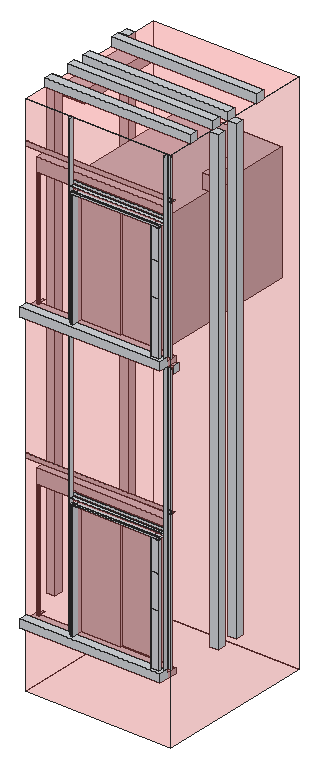
Revit family "TSF1000", category 一般モデル, Revit 2018
Family settings
  鉄筋をホスト可能 = いいえ
  丸型コネクタ寸法 = 直径を使用
  パーツ タイプ = 標準
  作業面ベース = いいえ
  常に垂直 = はい
  ロード時にボイドで切り取り = いいえ
  共有 = いいえ
  部屋計算ポイント = いいえ
Parameters
  昇降行程 = 5000 mm
Reference planes
  plane 1 "レール芯": y = 0
  plane 2 "最下階FL": z = 0
  plane 3 "かご芯": x = 0
  plane 4: z = 5000
  plane 5 "ピット底面": z = -1250
  plane 6: z = 8250
  plane 7: z = 2500
Forms (mm)
  Extrusion 1, solid
    sketch origin (-115, 140, 0) x (1, 0, 0) y (0, 1, 0)
      loop
        line (-1370, 1580) -> (-1370, -1290) -> (1230, -1290) -> (1230, 1580) -> (-1370, 1580)
    from -1250 to 8250
  Extrusion 2, solid
    sketch origin (-188.849, -187.656, 5000) x (1, 0, 0) y (0, 1, 0)
      loop
        line (-691.151, 1812.656) -> (-691.151, -722.344) -> (1068.849, -722.344) -> (1068.849, 1812.656) -> (-691.151, 1812.656)
    from 0 to 2100
  Extrusion 3, solid
    sketch origin (-199.116, -1, 0) x (1, 0, 0) y (0, 1, 0)
      loop
        line (-1050.884, 890.997) -> (-1050.884, 260.997) -> (-753.884, 260.997) -> (-753.884, 890.997) -> (-1050.884, 890.997)
    from -1250 to -272.5
  Extrusion 4, solid
    sketch origin (-180.164, -13.256, 0) x (1, 0, 0) y (0, 1, 0)
      loop
        line (1295.164, 288.256) -> (1295.164, 138.256) -> (1445.164, 138.256) -> (1445.164, 288.256) -> (1295.164, 288.256)
    from 0 to 8250
  Extrusion 5, solid
    sketch origin (-180.164, -413.256, 0) x (1, 0, 0) y (0, 1, 0)
      loop
        line (1295.164, 288.256) -> (1295.164, 138.256) -> (1445.164, 138.256) -> (1445.164, 288.256) -> (1295.164, 288.256)
    from 0 to 8250
  Extrusion 6, solid
    sketch origin (593.997, 818.69, 0) x (1, 0, 0) y (0, 1, 0)
      loop
        line (-2228.997, 481.31) -> (-2228.997, 331.31) -> (-2078.997, 331.31) -> (-2078.997, 481.31) -> (-2228.997, 481.31)
    from 0 to 8250
  Extrusion 7, solid
    sketch origin (593.997, -831.31, 0) x (1, 0, 0) y (0, 1, 0)
      loop
        line (-2228.997, 481.31) -> (-2228.997, 331.31) -> (-2078.997, 331.31) -> (-2078.997, 481.31) -> (-2228.997, 481.31)
    from 0 to 8250
  Extrusion 8, solid
    sketch origin (646.148, -529, 7950) x (1, 0, 0) y (0, 1, 0)
      loop
        line (-2111.148, 1758) -> (-2111.148, 200) -> (-1738.648, 200) -> (-1738.648, 1758) -> (-2111.148, 1758)
    from 0 to 200
  Extrusion 9, solid
    sketch origin (-494.764, 1375.017, 7235) x (1, 0, 0) y (0, 1, 0)
      loop
        line (1413.764, -985.017) -> (1413.764, -1575.017) -> (1593.764, -1575.017) -> (1593.764, -985.017) -> (1413.764, -985.017)
    from 0 to 250
  Extrusion 10, solid
    sketch origin (0, -154.792, -183.066) x (0, 1, 0) y (0, 0, 1)
      loop
        line (279.792, 8583.066) -> (279.792, 8433.066) -> (429.792, 8433.066) -> (429.792, 8583.066) -> (279.792, 8583.066)
    from -1485 to 1115
  Extrusion 11, solid
    sketch origin (0, -494.792, -183.066) x (0, 1, 0) y (0, 0, 1)
      loop
        line (279.792, 8583.066) -> (279.792, 8433.066) -> (429.792, 8433.066) -> (429.792, 8583.066) -> (279.792, 8583.066)
    from -1485 to 1115
  Extrusion 12, solid
    sketch origin (0, -994.792, -183.066) x (0, 1, 0) y (0, 0, 1)
      loop
        line (279.792, 8583.066) -> (279.792, 8433.066) -> (429.792, 8433.066) -> (429.792, 8583.066) -> (279.792, 8583.066)
    from -1485 to 1115
  Extrusion 13, solid
    sketch origin (0, 485.208, -183.066) x (0, 1, 0) y (0, 0, 1)
      loop
        line (279.792, 8583.066) -> (279.792, 8433.066) -> (429.792, 8433.066) -> (429.792, 8583.066) -> (279.792, 8583.066)
    from -1485 to 1115
  Extrusion 14, solid
    sketch origin (0, -292.235, 116.596) x (0, 1, 0) y (0, 0, 1)
      loop
        line (-797.765, 4733.404) -> (-797.765, 4608.404) -> (-677.765, 4608.404) -> (-677.765, 4733.404) -> (-797.765, 4733.404)
    from -1485 to 1115
  Extrusion 15, solid
    sketch origin (122.648, 27.585, 0) x (-1, 0, 0) y (0, -1, 0)
      loop
        line (-917.352, 1171.585) -> (-917.352, 1246.585) -> (-919.352, 1246.585)
        arc (-919.352, 1246.585) -> (-922.181, 1245.414) -> (-923.352, 1242.585) r 4
        line (-923.352, 1242.585) -> (-923.352, 1186.085)
        arc (-923.352, 1186.085) -> (-925.842, 1180.075) -> (-931.852, 1177.585) r 8.5
        line (-931.852, 1177.585) -> (-988.352, 1177.585)
        arc (-988.352, 1177.585) -> (-991.181, 1176.414) -> (-992.352, 1173.585) r 4
        line (-992.352, 1173.585) -> (-992.352, 1171.585) -> (-917.352, 1171.585)
    from 0 to 4850
  Extrusion 16, solid
    sketch origin (77.352, 27.585, 0) x (1, 0, 0) y (0, 1, 0)
      loop
        line (-717.352, -1171.585) -> (-792.352, -1171.585) -> (-792.352, -1173.585)
        arc (-792.352, -1173.585) -> (-791.181, -1176.414) -> (-788.352, -1177.585) r 4
        line (-788.352, -1177.585) -> (-731.852, -1177.585)
        arc (-731.852, -1177.585) -> (-725.842, -1180.075) -> (-723.352, -1186.085) r 8.5
        line (-723.352, -1186.085) -> (-723.352, -1242.585)
        arc (-723.352, -1242.585) -> (-722.181, -1245.414) -> (-719.352, -1246.585) r 4
        line (-719.352, -1246.585) -> (-717.352, -1246.585) -> (-717.352, -1171.585)
    from 0 to 4850
  Extrusion 17, solid
    sketch origin (322.648, 27.585, 5000) x (-1, 0, 0) y (0, -1, 0)
      loop
        line (-717.352, 1171.585) -> (-717.352, 1246.585) -> (-719.352, 1246.585)
        arc (-719.352, 1246.585) -> (-722.181, 1245.414) -> (-723.352, 1242.585) r 4
        line (-723.352, 1242.585) -> (-723.352, 1186.085)
        arc (-723.352, 1186.085) -> (-725.842, 1180.075) -> (-731.852, 1177.585) r 8.5
        line (-731.852, 1177.585) -> (-788.352, 1177.585)
        arc (-788.352, 1177.585) -> (-791.181, 1176.414) -> (-792.352, 1173.585) r 4
        line (-792.352, 1173.585) -> (-792.352, 1171.585) -> (-717.352, 1171.585)
    from 0 to 3250
  Extrusion 18, solid
    sketch origin (77.352, 27.585, 5000) x (1, 0, 0) y (0, 1, 0)
      loop
        line (-717.352, -1171.585) -> (-792.352, -1171.585) -> (-792.352, -1173.585)
        arc (-792.352, -1173.585) -> (-791.181, -1176.414) -> (-788.352, -1177.585) r 4
        line (-788.352, -1177.585) -> (-731.852, -1177.585)
        arc (-731.852, -1177.585) -> (-725.842, -1180.075) -> (-723.352, -1186.085) r 8.5
        line (-723.352, -1186.085) -> (-723.352, -1242.585)
        arc (-723.352, -1242.585) -> (-722.181, -1245.414) -> (-719.352, -1246.585) r 4
        line (-719.352, -1246.585) -> (-717.352, -1246.585) -> (-717.352, -1171.585)
    from 0 to 3250
  Extrusion 19, solid
    sketch origin (0, -3316.272, 935.614) x (0, 0, -1) y (0, 1, 0)
      loop
        line (-1244.386, 2172.272) -> (-1319.386, 2172.272) -> (-1319.386, 2170.272)
        arc (-1319.386, 2170.272) -> (-1318.214, 2167.444) -> (-1315.386, 2166.272) r 4
        line (-1315.386, 2166.272) -> (-1258.886, 2166.272)
        arc (-1258.886, 2166.272) -> (-1252.875, 2163.782) -> (-1250.386, 2157.772) r 8.5
        line (-1250.386, 2157.772) -> (-1250.386, 2101.272)
        arc (-1250.386, 2101.272) -> (-1249.214, 2098.444) -> (-1246.386, 2097.272) r 4
        line (-1246.386, 2097.272) -> (-1244.386, 2097.272) -> (-1244.386, 2172.272)
    from -640 to 1040
  Extrusion 20, solid
    sketch origin (0, -3316.272, 5935.614) x (0, 0, -1) y (0, 1, 0)
      loop
        line (-1244.386, 2172.272) -> (-1319.386, 2172.272) -> (-1319.386, 2170.272)
        arc (-1319.386, 2170.272) -> (-1318.214, 2167.444) -> (-1315.386, 2166.272) r 4
        line (-1315.386, 2166.272) -> (-1258.886, 2166.272)
        arc (-1258.886, 2166.272) -> (-1252.875, 2163.782) -> (-1250.386, 2157.772) r 8.5
        line (-1250.386, 2157.772) -> (-1250.386, 2101.272)
        arc (-1250.386, 2101.272) -> (-1249.214, 2098.444) -> (-1246.386, 2097.272) r 4
        line (-1246.386, 2097.272) -> (-1244.386, 2097.272) -> (-1244.386, 2172.272)
    from -640 to 1040
  Extrusion 21, solid
    sketch origin (0, 1028.272, 6255.614) x (0, 0, -1) y (0, 1, 0)
      loop
        line (-1244.386, -2172.272) -> (-1244.386, -2097.272) -> (-1246.386, -2097.272)
        arc (-1246.386, -2097.272) -> (-1249.214, -2098.444) -> (-1250.386, -2101.272) r 4
        line (-1250.386, -2101.272) -> (-1250.386, -2157.772)
        arc (-1250.386, -2157.772) -> (-1252.875, -2163.782) -> (-1258.886, -2166.272) r 8.5
        line (-1258.886, -2166.272) -> (-1315.386, -2166.272)
        arc (-1315.386, -2166.272) -> (-1318.214, -2167.444) -> (-1319.386, -2170.272) r 4
        line (-1319.386, -2170.272) -> (-1319.386, -2172.272) -> (-1244.386, -2172.272)
    from -1485 to 1115
  Extrusion 22, solid
    sketch origin (0, 1028.272, 1255.614) x (0, 0, -1) y (0, 1, 0)
      loop
        line (-1244.386, -2172.272) -> (-1244.386, -2097.272) -> (-1246.386, -2097.272)
        arc (-1246.386, -2097.272) -> (-1249.214, -2098.444) -> (-1250.386, -2101.272) r 4
        line (-1250.386, -2101.272) -> (-1250.386, -2157.772)
        arc (-1250.386, -2157.772) -> (-1252.875, -2163.782) -> (-1258.886, -2166.272) r 8.5
        line (-1258.886, -2166.272) -> (-1315.386, -2166.272)
        arc (-1315.386, -2166.272) -> (-1318.214, -2167.444) -> (-1319.386, -2170.272) r 4
        line (-1319.386, -2170.272) -> (-1319.386, -2172.272) -> (-1244.386, -2172.272)
    from -1485 to 1115
Dimensions and locks
  "昇降行程": plane 4 to plane 2 "最下階FL"
  locked: plane 6 to plane 4 at 3250
  locked: Extrusion 2 to plane 4 at 2100
  locked: plane 6 to Extrusion 8 at 100
  locked: Extrusion 8 to Extrusion 8 at 200
  locked: plane 4 to Extrusion 20 at 2180
  locked: Extrusion 20 to Extrusion 21 at 320
  locked: Extrusion 2 to Extrusion 9 at 135
  locked: Extrusion 9 to Extrusion 9 at 250
  locked: plane 2 "最下階FL" to Extrusion 19 at 2180
  locked: plane 4 to Extrusion 15 at 150
  aligned and locked: level to plane 2 "最下階FL"
  aligned and locked: Extrusion 1 to plane 5 "ピット底面"
  aligned and locked: Extrusion 2 to plane 4
  aligned and locked: Extrusion 1 to Extrusion 3
  aligned and locked: Extrusion 5 to plane 2 "最下階FL"
  aligned and locked: Extrusion 4 to plane 2 "最下階FL"
  aligned and locked: Extrusion 1 to Extrusion 5
  aligned and locked: Extrusion 1 to Extrusion 4
  aligned and locked: Extrusion 6 to Extrusion 1
  aligned and locked: Extrusion 7 to Extrusion 1
  aligned and locked: Extrusion 4 to Extrusion 1
  aligned and locked: Extrusion 5 to Extrusion 1
  aligned and locked: Extrusion 6 to plane 2 "最下階FL"
  aligned and locked: Extrusion 7 to plane 2 "最下階FL"
  aligned and locked: Extrusion 1 to Extrusion 6
  aligned and locked: Extrusion 1 to Extrusion 7
  aligned and locked: plane 2 "最下階FL" to nested 1
  aligned and locked: plane 4 to nested 2
  aligned and locked: nested 1 to nested 2
  aligned and locked: Extrusion 10 to Extrusion 1
  aligned and locked: Extrusion 1 to Extrusion 10  (x2)
  aligned and locked: Extrusion 1 to Extrusion 12  (x2)
  aligned and locked: Extrusion 1 to Extrusion 13  (x2)
  aligned and locked: Extrusion 12 to Extrusion 1
  aligned and locked: Extrusion 11 to Extrusion 1
  aligned and locked: Extrusion 13 to Extrusion 1
  aligned and locked: Extrusion 1 to Extrusion 14  (x2)
  aligned and locked: Extrusion 1 to Extrusion 15
  aligned and locked: Extrusion 1 to Extrusion 11  (x2)
  aligned and locked: Extrusion 17 to Extrusion 18
  aligned and locked: Extrusion 18 to plane 4
  aligned and locked: Extrusion 17 to plane 4
  aligned and locked: plane 6 to Extrusion 1
  aligned and locked: plane 6 to Extrusion 17
  aligned and locked: plane 6 to Extrusion 18
  aligned and locked: Extrusion 16 to Extrusion 15
Automatic sketch dimensions
  Extrusion 1 sketch curve to plane 3 "かご芯" = 1485 mm
  plane 3 "かご芯" to Extrusion 1 sketch curve = 1115 mm
  plane 1 "レール芯" to Extrusion 1 sketch curve = 1150 mm
  Extrusion 1 sketch curve to plane 1 "レール芯" = 1720 mm
  Extrusion 2 sketch curve to plane 3 "かご芯" = 880 mm
  plane 3 "かご芯" to Extrusion 2 sketch curve = 880 mm
  plane 1 "レール芯" to Extrusion 2 sketch curve = 910 mm
  Extrusion 2 sketch curve to plane 1 "レール芯" = 1625 mm
  Extrusion 3 sketch curve to plane 1 "レール芯" = 259.997 mm
  Extrusion 3 sketch curve to plane 3 "かご芯" = 1250 mm
  Extrusion 3 sketch curve to Extrusion 3 sketch curve = 297 mm
  Extrusion 3 sketch curve to Extrusion 3 sketch curve = 630 mm
  Extrusion 4 sketch curve to plane 1 "レール芯" = 125 mm
  plane 3 "かご芯" to Extrusion 4 sketch curve = 1115 mm
  Extrusion 4 sketch curve to Extrusion 4 sketch curve = 150 mm  (x2)
  plane 1 "レール芯" to Extrusion 5 sketch curve = 275 mm
  plane 3 "かご芯" to Extrusion 5 sketch curve = 1115 mm
  Extrusion 5 sketch curve to Extrusion 5 sketch curve = 150 mm
  plane 1 "レール芯" to Extrusion 5 sketch curve = 125 mm
  Extrusion 6 sketch curve to plane 3 "かご芯" = 1635 mm
  Extrusion 6 sketch curve to Extrusion 6 sketch curve = 150 mm  (x2)
  Extrusion 6 sketch curve to plane 1 "レール芯" = 1150 mm
  plane 1 "レール芯" to Extrusion 7 sketch curve = 500 mm
  Extrusion 7 sketch curve to plane 3 "かご芯" = 1635 mm
  Extrusion 7 sketch curve to Extrusion 7 sketch curve = 150 mm  (x2)
  plane 1 "レール芯" to Extrusion 8 sketch curve = 329 mm
  Extrusion 8 sketch curve to plane 3 "かご芯" = 1465 mm
  Extrusion 8 sketch curve to Extrusion 8 sketch curve = 372.5 mm
  Extrusion 8 sketch curve to plane 1 "レール芯" = 1229 mm
  plane 1 "レール芯" to Extrusion 9 sketch curve = 200 mm
  plane 3 "かご芯" to Extrusion 9 sketch curve = 919 mm
  Extrusion 9 sketch curve to Extrusion 9 sketch curve = 180 mm
  Extrusion 9 sketch curve to plane 1 "レール芯" = 390 mm
  Extrusion 10 sketch curve to plane 6 = 0 mm
  Extrusion 10 sketch curve to plane 1 "レール芯" = 125 mm
  Extrusion 10 sketch curve to Extrusion 10 sketch curve = 150 mm  (x2)
  Extrusion 11 sketch curve to plane 6 = 0 mm
  plane 1 "レール芯" to Extrusion 11 sketch curve = 215 mm
  plane 1 "レール芯" to Extrusion 11 sketch curve = 65 mm
  Extrusion 11 sketch curve to Extrusion 11 sketch curve = 150 mm
  Extrusion 12 sketch curve to plane 6 = 0 mm
  plane 1 "レール芯" to Extrusion 12 sketch curve = 715 mm
  Extrusion 12 sketch curve to Extrusion 12 sketch curve = 150 mm  (x2)
  Extrusion 13 sketch curve to plane 6 = 0 mm
  Extrusion 13 sketch curve to plane 1 "レール芯" = 765 mm
  Extrusion 13 sketch curve to Extrusion 13 sketch curve = 150 mm  (x2)
  Extrusion 14 sketch curve to plane 4 = 275 mm
  plane 1 "レール芯" to Extrusion 14 sketch curve = 1090 mm
  Extrusion 14 sketch curve to Extrusion 14 sketch curve = 120 mm
  Extrusion 14 sketch curve to Extrusion 14 sketch curve = 125 mm
  Extrusion 15 sketch curve to plane 3 "かご芯" = 1115 mm
  Extrusion 15 sketch curve to Extrusion 15 sketch curve = 4 mm  (x2)
  Extrusion 15 sketch curve to Extrusion 15 sketch curve = 56.5 mm  (x2)
  Extrusion 15 sketch curve to Extrusion 15 sketch curve = 8.5 mm
  Extrusion 15 sketch curve to Extrusion 15 sketch curve = 2 mm
  Extrusion 15 sketch curve to plane 1 "レール芯" = 1219 mm
  Extrusion 15 sketch curve to Extrusion 15 sketch curve = 6 mm
  Extrusion 16 sketch curve to plane 3 "かご芯" = 715 mm
  Extrusion 16 sketch curve to Extrusion 16 sketch curve = 4 mm  (x2)
  Extrusion 16 sketch curve to Extrusion 16 sketch curve = 56.5 mm  (x2)
  Extrusion 16 sketch curve to Extrusion 16 sketch curve = 8.5 mm
  Extrusion 16 sketch curve to Extrusion 16 sketch curve = 2 mm
  plane 1 "レール芯" to Extrusion 16 sketch curve = 1219 mm
  Extrusion 16 sketch curve to Extrusion 16 sketch curve = 6 mm
  Extrusion 17 sketch curve to plane 3 "かご芯" = 1115 mm
  Extrusion 17 sketch curve to Extrusion 17 sketch curve = 4 mm  (x2)
  Extrusion 17 sketch curve to Extrusion 17 sketch curve = 56.5 mm  (x2)
  Extrusion 17 sketch curve to Extrusion 17 sketch curve = 8.5 mm
  Extrusion 17 sketch curve to Extrusion 17 sketch curve = 2 mm
  Extrusion 17 sketch curve to plane 1 "レール芯" = 1219 mm
  Extrusion 17 sketch curve to Extrusion 17 sketch curve = 6 mm
  Extrusion 18 sketch curve to plane 3 "かご芯" = 715 mm
  Extrusion 18 sketch curve to Extrusion 18 sketch curve = 4 mm  (x2)
  Extrusion 18 sketch curve to Extrusion 18 sketch curve = 56.5 mm  (x2)
  Extrusion 18 sketch curve to Extrusion 18 sketch curve = 8.5 mm
  Extrusion 18 sketch curve to Extrusion 18 sketch curve = 2 mm
  plane 1 "レール芯" to Extrusion 18 sketch curve = 1219 mm
  Extrusion 18 sketch curve to Extrusion 18 sketch curve = 6 mm
  plane 7 to Extrusion 19 sketch curve = 245 mm
  Extrusion 19 sketch curve to Extrusion 19 sketch curve = 4 mm  (x2)
  Extrusion 19 sketch curve to Extrusion 19 sketch curve = 56.5 mm  (x2)
  Extrusion 19 sketch curve to Extrusion 19 sketch curve = 8.5 mm
  Extrusion 19 sketch curve to Extrusion 19 sketch curve = 2 mm
  plane 1 "レール芯" to Extrusion 19 sketch curve = 1219 mm
  Extrusion 19 sketch curve to Extrusion 19 sketch curve = 6 mm
  Extrusion 20 sketch curve to plane 6 = 995 mm
  Extrusion 20 sketch curve to Extrusion 20 sketch curve = 4 mm  (x2)
  Extrusion 20 sketch curve to Extrusion 20 sketch curve = 56.5 mm  (x2)
  Extrusion 20 sketch curve to Extrusion 20 sketch curve = 8.5 mm
  Extrusion 20 sketch curve to Extrusion 20 sketch curve = 2 mm
  plane 1 "レール芯" to Extrusion 20 sketch curve = 1219 mm
  Extrusion 20 sketch curve to Extrusion 20 sketch curve = 14.5 mm
  plane 6 to Extrusion 21 sketch curve = 675 mm
  Extrusion 21 sketch curve to Extrusion 21 sketch curve = 4 mm  (x2)
  Extrusion 21 sketch curve to Extrusion 21 sketch curve = 56.5 mm  (x2)
  Extrusion 21 sketch curve to Extrusion 21 sketch curve = 8.5 mm
  Extrusion 21 sketch curve to Extrusion 21 sketch curve = 2 mm
  Extrusion 21 sketch curve to plane 1 "レール芯" = 1069 mm
  Extrusion 21 sketch curve to Extrusion 21 sketch curve = 6 mm
  plane 7 to Extrusion 22 sketch curve = 75 mm
  Extrusion 22 sketch curve to Extrusion 22 sketch curve = 4 mm  (x2)
  Extrusion 22 sketch curve to Extrusion 22 sketch curve = 56.5 mm  (x2)
  Extrusion 22 sketch curve to Extrusion 22 sketch curve = 8.5 mm
  Extrusion 22 sketch curve to Extrusion 22 sketch curve = 2 mm
  Extrusion 22 sketch curve to plane 1 "レール芯" = 1069 mm
  Extrusion 22 sketch curve to Extrusion 22 sketch curve = 6 mm
Nested families
  nested 1: "2S" at (0, -940, 0), type "2S(詳細レベル)"
    with 戸袋 785 mm, 出入口幅 1400 mm
  nested 2: "2S" at (0, -940, 5000), type "2S(詳細レベル)"
    with 戸袋 785 mm, 出入口幅 1400 mm
Definition of nested family "2S"
  Parameters (values of type "2S(詳細レベル)")
    戸袋 = 635 mm
    出入口高さ = 2100 mm
    出入口幅 = 1100 mm
  Types (2, lengths in mm): name | 戸袋 | 出入口幅
    2S(詳細レベル) | 635 | 1100
    2S 背面(詳細レベル) | 785 | 1700
  Reference planes
    plane 1 "敷居先端": y = 0
    plane 2 "FL": z = 0
    plane 3: x = 140
    plane 4 "出入口中心": x = 140
    plane 5 "出入口高さ": z = 2100
    plane 6: z = 2320
    plane 7: y = -145.5
    plane 8 "出入口幅右": x = 690
    plane 9 "出入口幅左": x = -410
    plane 10 "戸袋": x = -1045
    plane 11: x = 810
    plane 12: y = -76.6
    plane 13: z = 2173
    plane 14: z = -60
    plane 15: z = -150
    plane 16: x = 710
    plane 17: x = -490
    plane 18: x = 890
  Forms (mm)
    Extrusion 1, solid
      sketch origin (140, 0, 0) x (0, 1, 0) y (0, 0, 1)
        loop
          line (-102, 2116) -> (-134, 2116) -> (-134, 6) -> (-102, 6) -> (-102, 2116)
      from -570 to 15
    Extrusion 2, solid
      sketch origin (705, 38, 0) x (0, 1, 0) y (0, 0, 1)
        loop
          line (-102, 2116) -> (-134, 2116) -> (-134, 6) -> (-102, 6) -> (-102, 2116)
      from -580 to 5
    Extrusion 3, solid
      sketch origin (140, 0, -16) x (0, 1, 0) y (0, 0, 1)
        loop
          line (-145.5, 2366) -> (-145.5, 2116) -> (0, 2116) -> (0, 2366) -> (-145.5, 2366)
      from -1185 to 670
    Extrusion 4, solid
      sketch origin (0, 0, 130) x (1, 0, 0) y (0, 1, 0)
        loop
          circle (810, -76.6) r 35
      from 0 to 1800
    Extrusion 5, solid
      sketch origin (0, 0, 0) x (1, 0, 0) y (0, 1, 0)
        loop
          line (-440, -140) -> (-440, -141.6) -> (-411.6, -141.6) -> (-411.6, -318.4) -> (-438.4, -318.4) -> (-438.4, -290) -> (-440, -290) -> (-440, -320) -> (-410, -320) -> (-410, -140) -> (-440, -140)
      from 0 to 2100
    Extrusion 6, solid
      sketch origin (0, 0, 0) x (1, 0, 0) y (0, 1, 0)
        loop
          line (770, -30) -> (770, 0) -> (720, 0) -> (720, -102) -> (690, -102) -> (690, -320) -> (840, -320) -> (840, -290) -> (838.4, -290) -> (838.4, -318.4) -> (691.6, -318.4) -> (691.6, -103.6) -> (721.6, -103.6) -> (721.6, -1.6) -> (768.4, -1.6) -> (768.4, -30) -> (770, -30)
      from 0 to 2100
    Extrusion 7, solid
      sketch origin (140, 0, 0) x (0, 1, 0) y (0, 0, 1)
        loop
          line (-295, 2130) -> (-325, 2130) -> (-325, 2100) -> (-140, 2100) -> (-140, 2101.6) -> (-323.4, 2101.6) -> (-323.4, 2128.4) -> (-295, 2128.4) -> (-295, 2130)
      from -580 to 700
    Extrusion 8, solid
      sketch origin (140, 0, 1400) x (0, 1, 0) y (0, 0, 1)
        loop
          line (-64, -1394) -> (-0.972, -1394) -> (-0.972, 586) -> (-64, 586) -> (-64, -1394)
      from 545 to 570
    Extrusion 9, solid
      sketch origin (0, 0, 0) x (1, 0, 0) y (0, 1, 0)
        loop
          arc (-1032.5, -132.5) -> (-1037.096, -130.596) -> (-1039, -126) r 6.5
          line (-1039, -126) -> (-1039, -93)
          arc (-1039, -93) -> (-1040.318, -89.818) -> (-1043.5, -88.5) r 4.5
          line (-1043.5, -88.5) -> (-1045, -88.5) -> (-1045, -138.5) -> (-995, -138.5) -> (-995, -137)
          arc (-995, -137) -> (-996.318, -133.818) -> (-999.5, -132.5) r 4.5
          line (-999.5, -132.5) -> (-1032.5, -132.5)
      from 3 to 2100
    Extrusion 10, solid
      sketch origin (-1.904, 52.096, 0) x (1, 0, 0) y (0, 1, 0)
        loop
          line (-1037.096, -190.596) -> (-999.096, -190.596) -> (-999.096, -65.596) -> (-1037.096, -65.596) -> (-1037.096, -190.596)
      from 0 to 3
    Extrusion 11, solid
      sketch origin (140, 6.458, 0) x (0, 1, 0) y (0, 0, 1)
        loop
          line (-386.458, 0) -> (-386.458, -150) -> (-36.458, -150) -> (-36.458, 0) -> (-386.458, 0)
      from -1287.782 to 758.966
    Extrusion 12, void
      sketch origin (0, 0, 0) x (0, 1, 0) y (0, 0, 1)
        loop
          line (-230, 0) -> (-230, -60) -> (-30, -60) -> (-30, 0) -> (-230, 0)
      from -1147.782 to 898.966
    Extrusion 13, solid, detail levels coarse+medium
      sketch origin (0, 0, -20.5) x (1, 0, 0) y (0, 1, 0)
        loop
          line (-1045, 0) -> (-1045, -150) -> (710, -150) -> (710, 0) -> (-1045, 0)
      from 0 to 20.5
    Extrusion 14, solid
      sketch origin (10, 17, 962.5) x (1, 0, 0) y (0, 1, 0)
        loop
          line (690, -337) -> (690, -340) -> (820, -340) -> (820, -337) -> (690, -337)
      from 0 to 590
  Cuts and joins
    Extrusion 12 cuts Extrusion 11
  Lines and regions (mm)
    symbolic lines
      curve 1: line (140, -320, 2100) -> (140, -320, 0)
      curve 2: line (140, 0, 0) -> (140, -180, 0)
      curve 3: line (140, -140, 2100) -> (140, -140, 0)
      curve 4: line (-440, -320, 0) -> (-440, -290, 0)
      curve 5: line (-410, -320, 0) -> (-440, -320, 0)
      curve 6: line (-410, -140, 0) -> (-410, -320, 0)
      curve 7: line (-440, -140, 0) -> (-410, -140, 0)
      curve 14: line (770, 0, 0) -> (770, -30, 0)
      curve 15: line (720, 0, 0) -> (770, 0, 0)
      curve 16: line (720, -102, 0) -> (720, 0, 0)
      curve 17: line (690, -102, 0) -> (720, -102, 0)
      curve 18: line (690, -320, 0) -> (690, -102, 0)
      curve 19: line (840, -320, 0) -> (690, -320, 0)
      curve 20: line (840, -290, 0) -> (840, -320, 0)
      curve 29: line (140, -295, 2130) -> (140, -325, 2130)
      curve 30: line (140, -325, 2130) -> (140, -325, 2100)
      curve 31: line (140, -325, 2100) -> (140, -140, 2100)
      curve 37: line (140, -320, 0) -> (140, -140, 0)
    symbolic lines, detail levels coarse+fine
      curve 8: line (-438.4, -290, 0) -> (-440, -290, 0)
      curve 9: line (-438.4, -318.4, 0) -> (-438.4, -290, 0)
      curve 10: line (-411.6, -318.4, 0) -> (-438.4, -318.4, 0)
      curve 11: line (-411.6, -141.6, 0) -> (-411.6, -318.4, 0)
      curve 12: line (-440, -141.6, 0) -> (-411.6, -141.6, 0)
      curve 13: line (-440, -140, 0) -> (-440, -141.6, 0)
      curve 21: line (768.4, -30, 0) -> (770, -30, 0)
      curve 22: line (768.4, -1.6, 0) -> (768.4, -30, 0)
      curve 23: line (721.6, -1.6, 0) -> (768.4, -1.6, 0)
      curve 24: line (721.6, -103.6, 0) -> (721.6, -1.6, 0)
      curve 25: line (691.6, -318.4, 0) -> (691.6, -103.6, 0)
      curve 26: line (838.4, -318.4, 0) -> (691.6, -318.4, 0)
      curve 27: line (838.4, -290, 0) -> (838.4, -318.4, 0)
      curve 28: line (840, -290, 0) -> (838.4, -290, 0)
      curve 32: line (140, -295, 2130) -> (140, -295, 2128.4)
      curve 33: line (140, -295, 2128.4) -> (140, -323.4, 2128.4)
      curve 34: line (140, -323.4, 2128.4) -> (140, -323.4, 2101.6)
      curve 35: line (140, -323.4, 2101.6) -> (140, -140, 2101.6)
      curve 36: line (140, -140, 2101.6) -> (140, -140, 2100)
      curve 38: line (691.6, -103.6, 0) -> (721.6, -103.6, 0)
  Dimensions and locks
    "出入口高さ": plane 5 "出入口高さ" to level
    "出入口幅": plane 8 "出入口幅右" to plane 9 "出入口幅左"
    level to plane 14 = 60 mm
    equal spacing: plane 8 "出入口幅右", plane 4 "出入口中心", plane 9 "出入口幅左"
    locked: plane 8 "出入口幅右" to Extrusion 6 at 150
    "戸袋": plane 10 "戸袋" to plane 9 "出入口幅左"
    locked: plane 11 to plane 8 "出入口幅右" at 120
    locked: plane 8 "出入口幅右" to plane 16 at 20
    locked: Extrusion 1 to plane 9 "出入口幅左" at 20
    locked: cut or joined group of Extrusion 11, Extrusion 12 to plane 10 "戸袋" at 102.782
    locked: plane 8 "出入口幅右" to cut or joined group of Extrusion 11, Extrusion 12 at 208.966
    locked: Extrusion 7 to plane 9 "出入口幅左" at 30
    locked: Extrusion 3 to plane 5 "出入口高さ" at 250
    locked: Extrusion 8 to Extrusion 8 at 25
    locked: plane 17 to plane 9 "出入口幅左" at 80
    locked: plane 8 "出入口幅右" to plane 18 at 200
    aligned and locked: level to plane 2 "FL"
    aligned and locked: Extrusion 7 to plane 5 "出入口高さ"
    aligned and locked: plane 5 "出入口高さ" to Extrusion 6
    aligned and locked: Extrusion 3 to plane 5 "出入口高さ"  (x2)
    aligned and locked: plane 5 "出入口高さ" to Extrusion 5
    aligned and locked: plane 5 "出入口高さ" to Extrusion 9
    aligned and locked: Extrusion 3 to plane 10 "戸袋"
    aligned and locked: Extrusion 6 to Extrusion 7
    aligned and locked: plane 11 to Extrusion 3
    aligned and locked: Extrusion 8 to plane 16
    aligned and locked: Extrusion 2 to plane 16
    aligned and locked: cut or joined group of Extrusion 11, Extrusion 12 to cut or joined group of Extrusion 11, Extrusion 12
    aligned and locked: Extrusion 12 to Extrusion 11
    aligned and locked: Extrusion 11 to Extrusion 12
  Automatic sketch dimensions
    plane 12 to Extrusion 8 sketch curve = 12.6 mm
    plane 1 "敷居先端" to Extrusion 8 sketch curve = 0.972 mm
    level to Extrusion 8 sketch curve = 6 mm
    Extrusion 8 sketch curve to Extrusion 8 sketch curve = 1980 mm
    Extrusion 12 sketch curve to plane 14 = 0 mm
    Extrusion 12 sketch curve to level = 0 mm
    level to Extrusion 1 sketch curve = 6 mm
    Extrusion 1 sketch curve to plane 12 = 25.4 mm
    plane 5 "出入口高さ" to Extrusion 1 sketch curve = 16 mm
    Extrusion 2 sketch curve to plane 12 = 19.4 mm
    level to Extrusion 2 sketch curve = 6 mm
    plane 12 to Extrusion 2 sketch curve = 12.6 mm
    plane 5 "出入口高さ" to Extrusion 2 sketch curve = 16 mm
    Extrusion 3 sketch curve to plane 5 "出入口高さ" = 0 mm
    Extrusion 3 sketch curve to plane 7 = 0 mm
    Extrusion 3 sketch curve to plane 1 "敷居先端" = 0 mm
    plane 6 to Extrusion 3 sketch curve = 30 mm
    Extrusion 4 sketch curve to plane 11 = 0 mm
    Extrusion 4 sketch curve to plane 12 = 0 mm
    Extrusion 5 sketch curve to plane 9 "出入口幅左" = 0 mm
    Extrusion 5 sketch curve to plane 9 "出入口幅左" = 1.6 mm
    Extrusion 5 sketch curve to Extrusion 5 sketch curve = 26.8 mm
    Extrusion 5 sketch curve to Extrusion 5 sketch curve = 1.6 mm  (x3)
    Extrusion 5 sketch curve to Extrusion 5 sketch curve = 28.4 mm  (x2)
    Extrusion 6 sketch curve to plane 8 "出入口幅右" = 0 mm
    plane 1 "敷居先端" to Extrusion 6 sketch curve = 0 mm
    plane 8 "出入口幅右" to Extrusion 6 sketch curve = 1.6 mm
    Extrusion 6 sketch curve to plane 16 = 10 mm
    Extrusion 6 sketch curve to Extrusion 6 sketch curve = 1.6 mm  (x5)
    plane 1 "敷居先端" to Extrusion 6 sketch curve = 1.6 mm
    Extrusion 6 sketch curve to plane 11 = 41.6 mm
    plane 11 to Extrusion 6 sketch curve = 28.4 mm
    Extrusion 6 sketch curve to plane 12 = 27 mm
    Extrusion 7 sketch curve to plane 5 "出入口高さ" = 0 mm
    Extrusion 7 sketch curve to Extrusion 7 sketch curve = 1.6 mm  (x3)
    Extrusion 7 sketch curve to Extrusion 7 sketch curve = 26.8 mm
    Extrusion 9 sketch curve to plane 10 "戸袋" = 0 mm
    plane 10 "戸袋" to Extrusion 9 sketch curve = 1.5 mm
    plane 10 "戸袋" to Extrusion 9 sketch curve = 6 mm
    Extrusion 9 sketch curve to Extrusion 9 sketch curve = 6.5 mm
    Extrusion 9 sketch curve to Extrusion 9 sketch curve = 33 mm
    Extrusion 9 sketch curve to plane 12 = 16.4 mm
    plane 10 "戸袋" to Extrusion 10 sketch curve = 6 mm
    plane 1 "敷居先端" to Extrusion 10 sketch curve = 13.5 mm
    Extrusion 10 sketch curve to Extrusion 10 sketch curve = 38 mm
    Extrusion 11 sketch curve to plane 15 = 0 mm
    Extrusion 11 sketch curve to level = 0 mm
    Extrusion 13 sketch curve to plane 10 "戸袋" = 0 mm
    Extrusion 13 sketch curve to plane 16 = 0 mm
    plane 1 "敷居先端" to Extrusion 13 sketch curve = 0 mm
    Extrusion 13 sketch curve to plane 7 = 4.5 mm
    plane 8 "出入口幅右" to Extrusion 14 sketch curve = 10 mm
    plane 11 to Extrusion 14 sketch curve = 20 mm
    curve 6 to plane 9 "出入口幅左" = 0 mm
    curve 2 to plane 3 = 0 mm
    curve 17 to plane 8 "出入口幅右" = 0 mm
    plane 1 "敷居先端" to curve 15 = 0 mm
    plane 1 "敷居先端" to curve 2 = 0 mm
    curve 11 to plane 9 "出入口幅左" = 1.6 mm
    curve 10 to curve 10 = 26.8 mm
    curve 7 to curve 11 = 28.4 mm
    curve 5 to curve 9 = 1.6 mm
    plane 8 "出入口幅右" to curve 26 = 1.6 mm
    curve 15 to plane 16 = 10 mm
    curve 15 to curve 24 = 1.6 mm
    plane 1 "敷居先端" to curve 22 = 1.6 mm
    curve 22 to plane 11 = 41.6 mm
    curve 23 to curve 14 = 1.6 mm
    plane 11 to curve 26 = 28.4 mm
    curve 28 to curve 28 = 1.6 mm
    curve 13 to curve 7 = 1.6 mm
    curve 24 to plane 12 = 27 mm
    curve 25 to curve 17 = 1.6 mm
    curve 37 to level = 0 mm
    curve 1 to plane 5 "出入口高さ" = 0 mm
    curve 30 to curve 34 = 1.6 mm
    plane 5 "出入口高さ" to curve 36 = 1.6 mm
    curve 34 to curve 34 = 26.8 mm
    curve 33 to curve 29 = 1.6 mm
    plane 7 to curve 3 = 5.5 mm
    plane 7 to curve 11 = 3.9 mm
    plane 7 to Extrusion 1 sketch curve = 11.5 mm
    plane 7 to Extrusion 5 sketch curve = 3.9 mm
    plane 7 to Extrusion 7 sketch curve = 5.5 mm
    Extrusion 9 sketch curve to Extrusion 9 sketch curve = 4.5 mm
    plane 7 to Extrusion 9 sketch curve = 19.5 mm
    plane 7 to Extrusion 9 sketch curve = 7 mm
    plane 7 to Extrusion 10 sketch curve = 7 mm
    curve 2 to plane 7 = 34.5 mm
    curve 9 to curve 4 = 28.4 mm
    curve 26 to curve 27 = 28.4 mm
    Extrusion 6 sketch curve to Extrusion 6 sketch curve = 28.4 mm  (x2)
    Extrusion 12 sketch curve to plane 7 = 84.5 mm
    curve 29 to plane 7 = 149.5 mm
    curve 1 to plane 7 = 174.5 mm
    curve 34 to curve 32 = 28.4 mm
    curve 9 to plane 7 = 144.5 mm
    curve 28 to plane 7 = 144.5 mm
    curve 19 to curve 26 = 1.6 mm
    curve 6 to curve 10 = 1.6 mm
    Extrusion 5 sketch curve to plane 7 = 144.5 mm
    Extrusion 6 sketch curve to plane 7 = 144.5 mm
    Extrusion 7 sketch curve to plane 7 = 149.5 mm
    Extrusion 7 sketch curve to Extrusion 7 sketch curve = 28.4 mm
    Extrusion 11 sketch curve to plane 7 = 234.5 mm
    Extrusion 14 sketch curve to plane 7 = 177.5 mm
    Extrusion 14 sketch curve to Extrusion 14 sketch curve = 3 mm
    curve 21 to curve 22 = 28.4 mm
    plane 1 "敷居先端" to Extrusion 11 sketch curve = 30 mm
    plane 1 "敷居先端" to Extrusion 12 sketch curve = 30 mm
    radius of Extrusion 4 sketch curve = 35 mm
